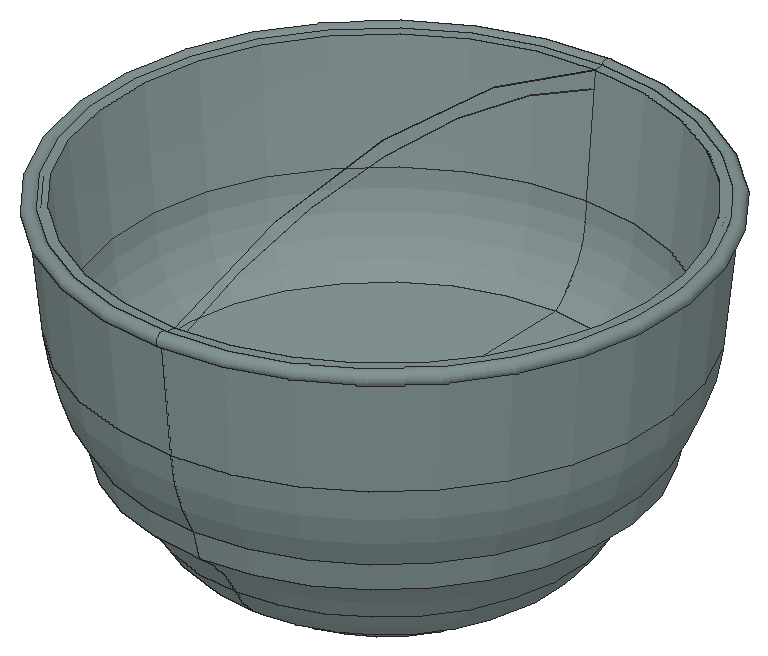
Revit family "PRM3", category Lighting Fixtures, host Face, Revit 2021
Family settings
  Host = Face
  Round Connector Dimension = Use Diameter
  Part Type = Normal
  OmniClass Number = 23.80.70.14
  OmniClass Title = Luminaries for External Lighting
  Cut with Voids When Loaded = No
  Light Source = No
  Shared = No
  Room Calculation Point = No
Parameters (values of type "PRM3 - ATG")
  Wattage Comments = "50-250W"  # constant formula
  Watt = 50 W
  Voltage [instance] = 120 V
  Product Page URL = ""
  Product Documentation Link = ""
  Is Volt [instance] = Voltage : 120V
  URL = "https://www.currentlighting.com/aal"
  Photometric Web [instance] = Web PRM3 : PRM3-H5-150MH
  Horizontal Lamp [instance] = not(Vertical Lamp)  # no
  Model = "PRM3"  # constant formula
  Manufacturer = "Architectural Area Lighting"  # constant formula
  Load Classification = Lighting
  Lamp = "ED-17, ED-18 & ED-28"  # constant formula
  Vertical Lamp [instance] = yes
  Glass = Glass-Frosted
  Finish = Aluminum-Antique Green
  Description = "PROMENADE – PRM3"  # constant formula
  Default Elevation = 48.000"
  Apparent Load = 0 VA
Types (14): name | Photometric Web | Horizontal Lamp | Vertical Lamp | Finish
  (no name) | Web PRM3 : PRM3-H5-150MH | no | yes | Aluminum-Antique Green
  PRM3 - AWT | Web PRM3 : PRM3-V5-250HPS | no | yes | Aluminum-Artic White
  PRM3 - BLK | Web PRM3 : PRM3-H5-150MH | no | yes | Aluminum-Black
  PRM3 - MTB | Web PRM3 : PRM3-H5-150MH | no | yes | Aluminum-Matte Black
  PRM3 - DGN | Web PRM3 : PRM3-H5-150MH | no | yes | Aluminum-Dark Green
  PRM3 - DBZ | Web PRM3 : PRM3-H5-150MH | no | yes | Aluminum-Dark Bronze
  PRM3 - WRZ | Web PRM3 : PRM3-H5-150MH | no | yes | Aluminum-Weathered Bronze
  PRM3 - BRM | Web PRM3 : PRM3-H5-150MH | no | yes | Aluminum-Metalic Bronze
  PRM3 - VBL | Web PRM3 : PRM3-H5-150MH | no | yes | Aluminum-Verde Blue
  PRM3 - CRT | Web PRM3 : PRM3-H5-150MH | no | yes | Aluminum-Corten
  PRM3 - MAL | Web PRM3 : PRM3-H5-150MH | yes | no | Aluminum-Matte
  PRM3 - MDG | Web PRM3 : PRM3-H5-150MH | no | yes | Aluminum-Medium Grey
  PRM3 - ATG | Web PRM3 : PRM3-H5-150MH | no | yes | Aluminum-Antique Green
  PRM3 - LGY | Web PRM3 : PRM3-H5-150MH | no | yes | Aluminum-Light Grey
Reference planes (in)
  plane 1 "Center (Front/Back)": y = 0
  plane 2: z = 0
  plane 3 "Center (Left/Right)": x = 0
  plane 4: z = 13
  plane 5: y = 9
  plane 6: y = -9
  plane 7: z = 8
Forms (in)
  Revolve 1, solid, material "Glass-Frosted" <- "Glass", visible <- "Horizontal Lamp"
    sketch origin (0, 0, 0) x (0, 1, 0) y (0, 0, 1)
      loop
        line (8.5, 11.23671) -> (0, 11.23671) -> (0, 10.69451) -> (8.5, 10.69451) -> (8.5, 11.23671)
      axis (0, 11.23671) -> (0, 10.69451)
    angle from 0 to 360
  Revolve 2, solid, material "Glass-Frosted" <- "Glass", visible <- "Vertical Lamp"
    sketch origin (0, 0, 0) x (0, 1, 0) y (0, 0, 1)
      loop
        arc (8.5, 11.23671) -> (4.34048, 12.55453) -> (0, 13) r 21.36893
        line (0, 13) -> (0, 12.52178)
        arc (0, 12.52178) -> (4.34502, 12.06493) -> (8.5, 10.71436) r 20.89071
        line (8.5, 10.71436) -> (8.5, 11.23671)
      axis (0, 13) -> (0, 10.71436)
    angle from 0 to 360
  Revolve 3, solid, material "Aluminum-Antique Green" <- "Finish"
    sketch origin (0, 0, 0) x (0, 1, 0) y (0, 0, 1)
      loop
        line (0, 0) -> (1.75, 0) -> (1.94958, 0.54833)
        arc (1.94958, 0.54833) -> (3.20162, 0.76312) -> (4.29881, 1.40338) r 3.56413
        arc (4.29881, 1.40338) -> (5.21598, 1.93859) -> (5.88719, 2.76148) r 2.97933
        arc (5.88719, 2.76148) -> (6.50062, 3.62247) -> (7.29278, 4.32254) r 4.64706
        line (7.29278, 4.32254) -> (7.52033, 5.17179)
        arc (7.52033, 5.17179) -> (8.14926, 6.40612) -> (8.46089, 7.75594) r 5.68365
        line (8.46089, 7.75594) -> (8.8006, 10.98814)
        arc (8.8006, 10.98814) -> (8.9891, 11.29191) -> (8.63321, 11.32592) r 0.21037
        line (8.63321, 11.32592) -> (8.33335, 11.32592) -> (7.95918, 7.76594)
        arc (7.95918, 7.76594) -> (7.69564, 6.31348) -> (6.76517, 5.16748) r 2.96895
        line (6.76517, 5.16748) -> (0, 5.16748) -> (0, 0)
      axis (0, 11.32592) -> (0, 0)
    angle from 0 to 360
Dimensions and locks (in)
  locked: plane 4 to plane 2 at 13
  equal spacing: plane 5, plane 1 "Center (Front/Back)", plane 6
  plane 5 to plane 6 = 18.000"
  plane 5 to plane 1 "Center (Front/Back)" = 9.000"
  locked: plane 7 to plane 2 at 8
  aligned and locked: plane 2 to host face
  aligned and locked: level to host face
  aligned and locked: plane 1 "Center (Front/Back)" to Revolve 1 sketch curve  (x2)
  aligned and locked: plane 1 "Center (Front/Back)" to Revolve 2 sketch curve
  aligned and locked: plane 1 "Center (Front/Back)" to nested 2
  aligned and locked: plane 3 "Center (Left/Right)" to nested 2
  aligned and locked: plane 1 "Center (Front/Back)" to Revolve 3 sketch curve
  aligned and locked: Revolve 3 sketch curve to nested 2
  aligned and locked: level to Revolve 3 sketch curve
Automatic sketch dimensions
  host sketch curve to host sketch curve = 96.000"  (x2)
  plane 5 to Revolve 1 sketch curve = 0.500"
  level to Revolve 1 sketch curve = 3.250"
  Revolve 1 sketch curve to Revolve 1 sketch curve = 0.5422"
  plane 4 to Revolve 1 sketch curve = 5.250"
  Revolve 2 sketch curve to Revolve 2 sketch curve = 0.000"
  Revolve 2 sketch curve to plane 1 "Center (Front/Back)" = 0.000"
  plane 5 to Revolve 2 sketch curve = 0.500"
  Revolve 2 sketch curve to Revolve 2 sketch curve = 5.750"  (x2)
  Revolve 2 sketch curve to plane 4 = 2.28564"
  Revolve 2 sketch curve to Revolve 2 sketch curve = 0.52235"
  plane 4 to Revolve 2 sketch curve = 0.000"
  Revolve 1 sketch curve to plane 4 = 2.30549"
  Revolve 3 sketch curve to plane 1 "Center (Front/Back)" = 1.750"
  level to Revolve 3 sketch curve = 0.54833"
  Revolve 3 sketch curve to Revolve 3 sketch curve = 0.19958"
  Revolve 3 sketch curve to plane 1 "Center (Front/Back)" = 1.98262"
  plane 7 to Revolve 3 sketch curve = 0.35004"
  Revolve 3 sketch curve to plane 1 "Center (Front/Back)" = 2.80837"
  Revolve 3 sketch curve to Revolve 3 sketch curve = 1.29722"
  level to Revolve 3 sketch curve = 1.40338"
  Revolve 3 sketch curve to Revolve 3 sketch curve = 2.34923"
  Revolve 3 sketch curve to plane 7 = 0.44687"
  Revolve 3 sketch curve to Revolve 3 sketch curve = 2.1895"
  Revolve 3 sketch curve to Revolve 3 sketch curve = 1.58838"
  Revolve 3 sketch curve to Revolve 3 sketch curve = 0.000"
  plane 5 to Revolve 3 sketch curve = 2.23483"
  Revolve 3 sketch curve to Revolve 3 sketch curve = 0.52761"
  Revolve 3 sketch curve to Revolve 3 sketch curve = 0.75516"
  Revolve 3 sketch curve to plane 7 = 0.23406"
  plane 5 to Revolve 3 sketch curve = 1.04082"
  plane 5 to Revolve 3 sketch curve = 0.66665"
  Revolve 3 sketch curve to plane 7 = 0.24406"
  Revolve 3 sketch curve to Revolve 3 sketch curve = 0.5017"
  plane 5 to Revolve 3 sketch curve = 0.36679"
  level to Revolve 3 sketch curve = 0.51298"
  Revolve 3 sketch curve to plane 5 = 0.95406"
  Revolve 3 sketch curve to Revolve 3 sketch curve = 5.750"
  Revolve 3 sketch curve to plane 4 = 2.01186"
  Revolve 3 sketch curve to Revolve 3 sketch curve = 0.21037"
  plane 4 to Revolve 3 sketch curve = 3.000"
Nested families (in)
  nested 1: "Voltage" at (8.73564, -35.19298, 0), type "120V"
  nested 2: "Web PRM3" at (0.23896, -0.03999, 8), type <- "Photometric Web", type "PRM3-H5-150MH"
Connectors (in)
  electrical at (0, 0, 0), driven by "Load Classification", driven by "Voltage", driven by "Apparent Load"
    settings: on host face, index 1, voltage 120 V, apparent load 0 VA, apparent load phase1 0 VA, apparent load phase2 0 VA, apparent load phase3 0 VA, power factor 1, load classification "Lighting", number of poles 1, system type 30, power factor state 1, is connector primary yes, connector utility no, sub classification motor no, connector description "Electrical Connector"
Definition of nested family "Voltage"
  Parameters
    Default Elevation = 0.000"
    277V = yes
    240V = no
    208V = no
    120V = no
  Reference planes (in)
    plane 1 "Center (Front/Back)": y = 0
    plane 2: z = 0
    plane 3 "Center (Left/Right)": x = 0
  Dimensions and locks (in)
    aligned and locked: plane 2 to level
Definition of nested family "Web PRM3"
  Parameters
    Wattage Comments = ""
    Wattage = -0.00288337 W
    built-in parameter 1150110 = 1 (stored number, unit not read)
    URL = ""
    built-in parameter 1114217 = 1 (stored number, unit not read)
    Tilt Angle = -90.00°
    built-in parameter 1150109 = 1 (stored number, unit not read)
    built-in parameter 1150134 = (empty or 0)
    built-in parameter 1150113 = 1 (stored number, unit not read)
    Product Page URL = ""
    Product Documentation Link = ""
    Photometric Web File = "PRM3-V5-250HPS.IES"
    Model = ""
    Manufacturer Phone = "(864)-678-1000"
    Manufacturer Fax = "(866)-898-1065"
    Manufacturer = "Hubbell Outdoor Lighting"
    built-in parameter 1150105 = 212.72 (stored number, unit not read)
    Lumens = -0.234274 lm
    built-in parameter 1150115 = 1 (stored number, unit not read)
    built-in parameter 1150137 = (empty or 0)
    built-in parameter 1150139 = (empty or 0)
    built-in parameter 1150112 = 1 (stored number, unit not read)
    built-in parameter 1150114 = 1 (stored number, unit not read)
    Lamp = ""
    built-in parameter 1150132 = 1
    built-in parameter 1150102 = (empty or 0)
    built-in parameter 1150107 = 5100 (stored number, unit not read)
    built-in parameter 1150138 = (empty or 0)
    built-in parameter 1150106 = 2.1272 (stored number, unit not read)
    Emit from Circle Diameter = 15.000"  # constant formula
    Emit Shape Visible in Rendering = no
    built-in parameter 1150104 = 7.5484 (stored number, unit not read)
    Dimming Lamp Color Temperature Shift = (empty or 0)
    Description = ""
    Default Elevation = 48.000"
    Color Filter = 16777215
    built-in parameter 1114218 = 1 (stored number, unit not read)
    built-in parameter 1150133 = 10 (stored number, unit not read)
  Reference planes (in)
    plane 1 "Center (Front/Back)": y = 0.03999
    plane 2: z = 0
    plane 3 "Center (Left/Right)": x = -0.23896
  Forms (in)
    Extrusion 1, solid
      sketch origin (0, 0, 0.06357) x (1, 0, 0) y (0, 1, 0)
        loop
          line (-48, 48) -> (-48, -48) -> (48, -48) -> (48, 48) -> (-48, 48)
      from -0.06357 to -6.06357
  Lines and regions (in)
    reference lines
      curve 1: line (-0.23896, 0.03999, 18.11448) -> (-0.23896, 0.03999, -22.88552)
      curve 2: line (-0.23896, 0.03999, 34) -> (-0.23896, 0.03999, -22.88552)
      curve 3: line (-0.23896, 29.03999, 0) -> (-0.23896, -29.96001, 0)
      curve 4: line (-37.23896, 0.03999, 0) -> (40.76104, 0.03999, 0)
  Dimensions and locks (in)
    aligned and locked: plane 2 to Extrusion 1
    aligned and locked: level to Extrusion 1
    aligned and locked: plane 3 "Center (Left/Right)" to imposter light
    aligned and locked: imposter light to plane 1 "Center (Front/Back)"
    aligned and locked: curve 1 to plane 3 "Center (Left/Right)"
    aligned and locked: plane 1 "Center (Front/Back)" to curve 2
    aligned and locked: curve 3 to plane 3 "Center (Left/Right)"
    aligned and locked: plane 1 "Center (Front/Back)" to curve 4
